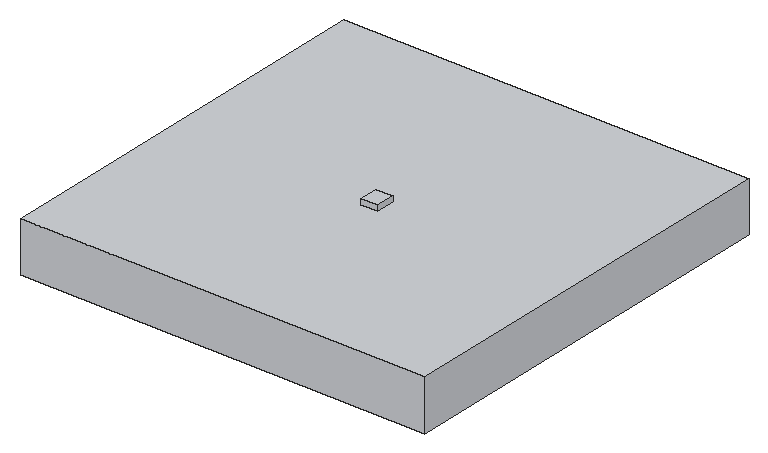
Revit family "M_Painel de evacuação de voz", category Equipamento elétrico, Revit 2019
Family settings
  Hospedeiro = Face
  Cota do conector redondo = Utilizar diâmetro
  Tipo de parte = Outros painéis
  Número OmniClass = 23.85.30.21.11.14
  Título OmniClass = Alarm Panels
  ID de item do Seek = Voice Evacuation Panel-0000-CAN-ENU
  Corte com vazios quando carregada = Não
  Compartilhado = Não
  Ponto de cálculo do ambiente = Não
Parameters (values of type "Padrão")
  Largura = 114 mm
  Material do painel = none
  Comprimento = 102 mm
  Altura = 32 mm
  Elevação-padrão = 1200 mm
Reference planes
  plane 1 "Centro (Frente/Trás)": y = 0
  plane 2: z = 0
  plane 3 "Centro (Esquerda/Direita)": x = 0
  plane 4: x = -51
  plane 5: x = 51
  plane 6: y = -114
  plane 7: z = 32
Forms (mm)
  Extrusion 1, solid
    sketch origin (0, 0, 0) x (1, 0, 0) y (0, 1, 0)
      loop
        line (-1219.2, 1219.2) -> (-1219.2, -1219.2) -> (1219.2, -1219.2) -> (1219.2, 1219.2) -> (-1219.2, 1219.2)
    from 0 to -304.8
  Extrusion 2, solid, material <- "Material do painel"
    sketch origin (0, 0, 0) x (1, 0, 0) y (0, 1, 0)
      loop
        line (-51, 0) -> (-51, -114) -> (51, -114) -> (51, 0) -> (-51, 0)
    from 0 to 32
Dimensions and locks
  "Largura": plane 1 "Centro (Frente/Trás)" to plane 6
  equal spacing: plane 4, plane 3 "Centro (Esquerda/Direita)", plane 5
  "Comprimento": plane 4 to plane 5
  "Altura": plane 7 to plane 2
  aligned and locked: plane 2 to Extrusion 1
  aligned and locked: level to Extrusion 1
  aligned and locked: plane 4 to Extrusion 2 sketch curve
  aligned and locked: plane 1 "Centro (Frente/Trás)" to Extrusion 2 sketch curve
  aligned and locked: plane 6 to Extrusion 2 sketch curve
  aligned and locked: Extrusion 2 sketch curve to plane 5
  aligned and locked: Extrusion 2 to plane 2
  aligned and locked: plane 7 to Extrusion 2
  aligned and locked: plane 5 to Extrusion 2
  aligned and locked: plane 4 to nested 1
  aligned and locked: plane 5 to nested 1
  aligned and locked: plane 2 to nested 1
  aligned and locked: plane 7 to nested 1
Automatic sketch dimensions
  Extrusion 1 sketch curve to Extrusion 1 sketch curve = 2438.4 mm  (x2)
Nested families
  nested 1: "M_Anotação do painel de evacuação de voz" at (546.1, 0, -174.5) x (1, 0, 0) z (0, -1, 0), type "Anotação do painel de evacuação de voz", detail levels coarse+medium
    with Largura 32 mm, Comprimento 102 mm
Connectors
  electrical at (0, 0, 16)
    settings: on Extrusion 2, index 1, voltage 0 V, apparent load 0 VA, apparent load phase1 0 VA, apparent load phase2 0 VA, apparent load phase3 0 VA, power factor 1, load classification "Outros", number of poles 1, system type 11, power factor state 1, is connector primary yes, connector utility no, sub classification motor no, connector description ""
  cabletrayconduit at (0, 0, 16), diameter 600
    settings: on Extrusion 2, index 2, connector width 300 mm, connector height 300 mm, connector angle 0.00°, system type 32, placement type 1, profile type 0, connector reference index -1, is primary connector yes, connector utility param no, connector description ""
  cabletrayconduit at (-51, -57, 16), diameter 600
    settings: on Extrusion 2, index 3, connector width 300 mm, connector height 300 mm, connector angle 0.00°, system type 32, placement type 1, profile type 0, connector reference index -1, is primary connector no, connector utility param no, connector description ""
  cabletrayconduit at (51, -57, 16), diameter 600
    settings: on Extrusion 2, index 4, connector width 300 mm, connector height 300 mm, connector angle 0.00°, system type 32, placement type 1, profile type 0, connector reference index -1, is primary connector no, connector utility param no, connector description ""
  cabletrayconduit at (0, -57, 0), diameter 600
    settings: on Extrusion 2, index 5, connector width 300 mm, connector height 300 mm, connector angle 0.00°, system type 32, placement type 1, profile type 0, connector reference index -1, is primary connector no, connector utility param no, connector description ""
  cabletrayconduit at (0, -114, 16), diameter 600
    settings: on Extrusion 2, index 6, connector width 300 mm, connector height 300 mm, connector angle 0.00°, system type 32, placement type 1, profile type 0, connector reference index -1, is primary connector no, connector utility param no, connector description ""
Definition of nested family "M_Anotação do painel de evacuação de voz"
  Parameters
    Largura [instance] = 127 mm
    Comprimento [instance] = 127 mm
    Assembly Code = ""
  Reference planes
    plane 1 "Centro (Frente/Trás)": y = 190.5
    plane 2: z = 0
    plane 3 "Centro (Esquerda/Direita)": x = -546.1
    plane 4: x = -609.6
    plane 5: x = -482.6
    plane 6: y = 254
    plane 7: y = 127
  Lines and regions (mm)
    Filled region 1, type "Preenchimento sólido - Preto", in view "Nível de referência"
      outline origin (-310.72, 103.45, 0) x (1, 0, 0) y (0, 1, 0)
        loop
          line (-225.628, 93.218) -> (-225.628, 91.878) -> (-220.133, 91.878) -> (-220.133, 89) -> (-225.283, 89) -> (-225.283, 87.839) -> (-220.133, 87.839) -> (-220.133, 84.809) -> (-225.939, 84.809) -> (-225.939, 83.648) -> (-218.87, 83.648) -> (-218.87, 93.218) -> (-225.628, 93.218)
        loop
          line (-226.495, 93.218) -> (-227.827, 93.218) -> (-230.819, 85.424) -> (-233.968, 93.218) -> (-235.562, 93.218) -> (-231.695, 83.648) -> (-230.168, 83.648) -> (-226.495, 93.218)
        loop
          line (-238.864, 93.218) -> (-240.239, 93.218) -> (-243.913, 83.648) -> (-242.518, 83.648) -> (-241.521, 86.244) -> (-237.438, 86.244) -> (-236.493, 83.648) -> (-235.38, 83.648) -> (-238.864, 93.218)
        loop
          line (-240.909, 87.839) -> (-238.018, 87.839) -> (-239.425, 91.705) -> (-240.909, 87.839)
        loop
          arc (-248.537, 93.218) -> (-250.445, 92.804) -> (-251.621, 91.246) r 2.804
          line (-251.621, 91.246) -> (-250.884, 90.919)
          arc (-250.884, 90.919) -> (-249.92, 91.972) -> (-248.516, 92.23) r 2.244
          spline (-248.516, 92.23) -> (-247.61, 92.052) -> (-246.78, 91.625) -> (-246.081, 90.978) -> (-245.563, 90.156) -> (-245.259, 89.214) -> (-245.19, 88.217) -> (-245.363, 87.233) -> (-245.763, 86.328) -> (-246.365, 85.565) -> (-247.127, 84.995) -> (-247.997, 84.657) -> (-248.917, 84.574)
          arc (-248.917, 84.574) -> (-250.52, 85.135) -> (-251.257, 86.665) r 2.219
          line (-251.257, 86.665) -> (-251.967, 86.339)
          arc (-251.967, 86.339) -> (-251.071, 84.375) -> (-249.038, 83.648) r 2.774
          spline (-249.038, 83.648) -> (-247.889, 83.751) -> (-246.801, 84.173) -> (-245.849, 84.886) -> (-245.096, 85.84) -> (-244.596, 86.971) -> (-244.381, 88.202) -> (-244.466, 89.448) -> (-244.846, 90.625) -> (-245.494, 91.653) -> (-246.367, 92.461) -> (-247.405, 92.995) -> (-248.537, 93.218)
    detail lines, in view "Nível de referência"
      curve 1: line (-609.6, 254, 0) -> (-482.6, 254, 0)
      curve 2: line (-609.6, 127, 0) -> (-609.6, 254, 0)
      curve 3: line (-482.6, 127, 0) -> (-609.6, 127, 0)
      curve 4: line (-482.6, 254, 0) -> (-482.6, 127, 0)
  Dimensions and locks
    equal spacing: plane 4, plane 3 "Centro (Esquerda/Direita)", plane 5
    "Comprimento": plane 4 to plane 5
    equal spacing: plane 6, plane 1 "Centro (Frente/Trás)", plane 7
    "Largura": plane 6 to plane 7
    aligned and locked: plane 4 to curve 1
    aligned and locked: curve 1 to plane 6
    aligned and locked: plane 7 to curve 4
    aligned and locked: curve 4 to plane 5
  Automatic sketch dimensions
    Filled region 1 sketch curve to plane 3 "Centro (Esquerda/Direita)" = 0 mm
    Filled region 1 sketch curve to plane 3 "Centro (Esquerda/Direita)" = 0.181 mm
    Filled region 1 sketch curve to plane 3 "Centro (Esquerda/Direita)" = 1.112 mm
    plane 1 "Centro (Frente/Trás)" to Filled region 1 sketch curve = 0.806 mm
    Filled region 1 sketch curve to plane 3 "Centro (Esquerda/Direita)" = 2.057 mm
    Filled region 1 sketch curve to plane 1 "Centro (Frente/Trás)" = 0.789 mm  (x2)
    Filled region 1 sketch curve to Filled region 1 sketch curve = 0.58 mm
    Filled region 1 sketch curve to Filled region 1 sketch curve = 3.302 mm
    Filled region 1 sketch curve to Filled region 1 sketch curve = 0.562 mm
    Filled region 1 sketch curve to Filled region 1 sketch curve = 1.376 mm
    Filled region 1 sketch curve to Filled region 1 sketch curve = 2.891 mm
    Filled region 1 sketch curve to Filled region 1 sketch curve = 0.612 mm
    plane 1 "Centro (Frente/Trás)" to Filled region 1 sketch curve = 3.402 mm  (x2)
    Filled region 1 sketch curve to Filled region 1 sketch curve = 0.997 mm
    Filled region 1 sketch curve to Filled region 1 sketch curve = 1.395 mm
    Filled region 1 sketch curve to plane 1 "Centro (Frente/Trás)" = 5.18 mm
    Filled region 1 sketch curve to Filled region 1 sketch curve = 8.276 mm
    Filled region 1 sketch curve to Filled region 1 sketch curve = 0.021 mm
    Filled region 1 sketch curve to plane 1 "Centro (Frente/Trás)" = 1.352 mm
    Filled region 1 sketch curve to Filled region 1 sketch curve = 0.072 mm
    Filled region 1 sketch curve to Filled region 1 sketch curve = 0.046 mm
    Filled region 1 sketch curve to Filled region 1 sketch curve = 0.101 mm
    plane 1 "Centro (Frente/Trás)" to Filled region 1 sketch curve = 0.261 mm
    Filled region 1 sketch curve to Filled region 1 sketch curve = 0.325 mm
    Filled region 1 sketch curve to Filled region 1 sketch curve = 0.153 mm
    Filled region 1 sketch curve to Filled region 1 sketch curve = 1.95 mm
    plane 1 "Centro (Frente/Trás)" to Filled region 1 sketch curve = 0.385 mm
    Filled region 1 sketch curve to Filled region 1 sketch curve = 0.737 mm
    plane 1 "Centro (Frente/Trás)" to Filled region 1 sketch curve = 0.711 mm
    Filled region 1 sketch curve to Filled region 1 sketch curve = 0.71 mm
    plane 3 "Centro (Esquerda/Direita)" to Filled region 1 sketch curve = 1.413 mm
    plane 3 "Centro (Esquerda/Direita)" to Filled region 1 sketch curve = 3.685 mm
    plane 1 "Centro (Frente/Trás)" to Filled region 1 sketch curve = 1.627 mm
    Filled region 1 sketch curve to Filled region 1 sketch curve = 0.877 mm
    Filled region 1 sketch curve to Filled region 1 sketch curve = 1.527 mm
    Filled region 1 sketch curve to Filled region 1 sketch curve = 6.141 mm
    Filled region 1 sketch curve to Filled region 1 sketch curve = 1.332 mm
    Filled region 1 sketch curve to Filled region 1 sketch curve = 4.229 mm
    Filled region 1 sketch curve to Filled region 1 sketch curve = 0.867 mm
    Filled region 1 sketch curve to Filled region 1 sketch curve = 0.656 mm
    Filled region 1 sketch curve to plane 1 "Centro (Frente/Trás)" = 1.95 mm
    Filled region 1 sketch curve to Filled region 1 sketch curve = 5.15 mm
    Filled region 1 sketch curve to Filled region 1 sketch curve = 0 mm  (x3)
    Filled region 1 sketch curve to Filled region 1 sketch curve = 1.262 mm
    Filled region 1 sketch curve to Filled region 1 sketch curve = 0.926 mm
    Filled region 1 sketch curve to Filled region 1 sketch curve = 2.596 mm
    Filled region 1 sketch curve to Filled region 1 sketch curve = 1.776 mm
    Filled region 1 sketch curve to Filled region 1 sketch curve = 1.161 mm
    Filled region 1 sketch curve to Filled region 1 sketch curve = 1.576 mm
    Filled region 1 sketch curve to Filled region 1 sketch curve = 0.432 mm
    Filled region 1 sketch curve to Filled region 1 sketch curve = 3.866 mm
    Filled region 1 sketch curve to Filled region 1 sketch curve = 2.878 mm
    Filled region 1 sketch curve to Filled region 1 sketch curve = 1.513 mm
    Filled region 1 sketch curve to Filled region 1 sketch curve = 1.339 mm
